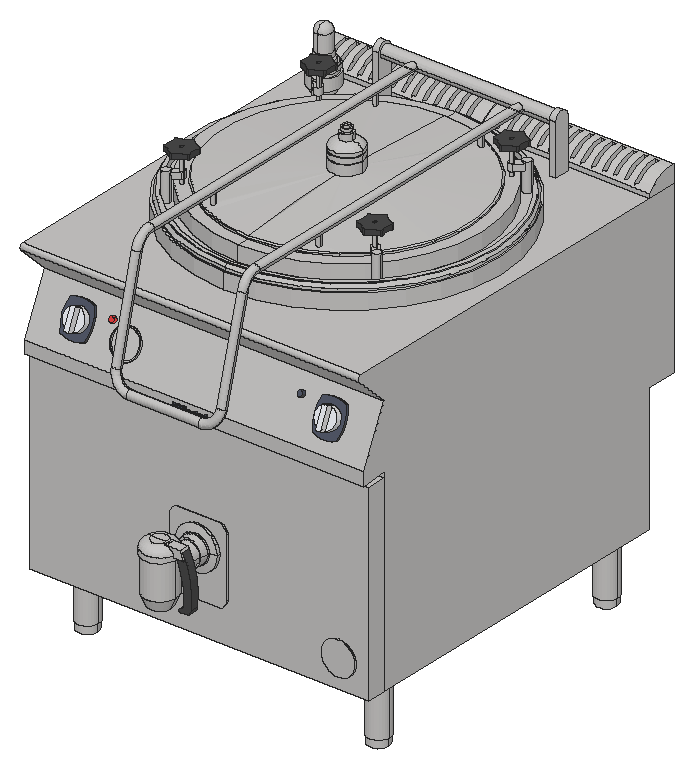
Revit family "QF_ELECTROLUXPROFESSIONAL_391298_E9BSGHDR4C", category Specialty Equipment, Revit 2018 (continued)
Automatic sketch dimensions
  Extrusion 32 sketch curve to Extrusion 32 sketch curve = 44.425 mm
  Extrusion 32 sketch curve to plane 18 = 113.578 mm  (x2)
  Extrusion 32 sketch curve to plane 18 = 67.123 mm  (x4)
  Extrusion 32 sketch curve to plane 18 = 50.268 mm  (x2)
  Extrusion 32 sketch curve to plane 18 = 24.667 mm  (x2)
  Extrusion 32 sketch curve to plane 18 = 22.73 mm  (x2)
  Extrusion 32 sketch curve to plane 18 = 22.698 mm  (x2)
  plane 18 to Extrusion 32 sketch curve = 6.011 mm  (x4)
  plane 18 to Extrusion 32 sketch curve = 25.788 mm  (x2)
  Extrusion 32 sketch curve to Extrusion 32 sketch curve = 47.449 mm  (x2)
  Extrusion 32 sketch curve to Extrusion 32 sketch curve = 15.403 mm  (x4)
  Extrusion 32 sketch curve to plane 8 "Center X" = 121.606 mm  (x2)
  Extrusion 32 sketch curve to Extrusion 32 sketch curve = 47.479 mm  (x2)
  Revolve 33 sketch curve to plane 7 "Center Y" = 0 mm  (x2)
  plane 7 "Center Y" to Revolve 33 sketch curve = 20.039 mm
  plane 7 "Center Y" to Revolve 33 sketch curve = 26.476 mm
  Revolve 33 sketch curve to Revolve 33 sketch curve = 17.448 mm
  Revolve 33 sketch curve to Revolve 33 sketch curve = 3.622 mm
  plane 9 "Base" to Revolve 33 sketch curve = 106.66 mm
  Revolve 33 sketch curve to Revolve 33 sketch curve = 9.34 mm
  Revolve 33 sketch curve to Revolve 33 sketch curve = 25 mm
  Revolve 33 sketch curve to Revolve 33 sketch curve = 83.963 mm
  Revolve 33 sketch curve to Revolve 33 sketch curve = 7.566 mm
  Revolve 33 sketch curve to Revolve 33 sketch curve = 12.044 mm
  Revolve 33 sketch curve to Revolve 33 sketch curve = 22.59 mm
  Extrusion 34 sketch curve to plane 17 = 99.149 mm
  Extrusion 34 sketch curve to Extrusion 34 sketch curve = 43.767 mm
  plane 7 "Center Y" to Extrusion 34 sketch curve = 38.183 mm
  plane 7 "Center Y" to Extrusion 34 sketch curve = 50.92 mm
  Extrusion 34 sketch curve to Extrusion 34 sketch curve = 3.423 mm
  Extrusion 34 sketch curve to Extrusion 34 sketch curve = 0 mm
  Extrusion 34 sketch curve to Extrusion 34 sketch curve = 0.693 mm
  Extrusion 34 sketch curve to Extrusion 34 sketch curve = 0.284 mm
  Extrusion 34 sketch curve to Extrusion 34 sketch curve = 22.359 mm
  Extrusion 34 sketch curve to Extrusion 34 sketch curve = 7.729 mm
  Extrusion 34 sketch curve to Extrusion 34 sketch curve = 8.743 mm
  Extrusion 34 sketch curve to Extrusion 34 sketch curve = 1.357 mm
  Extrusion 34 sketch curve to Extrusion 34 sketch curve = 9.852 mm
  plane 9 "Base" to Extrusion 34 sketch curve = 120.686 mm
  Extrusion 34 sketch curve to Extrusion 34 sketch curve = 2.347 mm
  Extrusion 34 sketch curve to Extrusion 34 sketch curve = 3.764 mm
  Extrusion 34 sketch curve to Extrusion 34 sketch curve = 0.821 mm
  plane 9 "Base" to Extrusion 34 sketch curve = 151.038 mm
  Extrusion 35 sketch curve to plane 7 "Center Y" = 9.756 mm
  plane 7 "Center Y" to Extrusion 35 sketch curve = 2.961 mm
  plane 7 "Center Y" to Extrusion 35 sketch curve = 15.663 mm
  Extrusion 35 sketch curve to Extrusion 35 sketch curve = 21.173 mm
  Extrusion 35 sketch curve to Extrusion 35 sketch curve = 19.905 mm
  Extrusion 35 sketch curve to Extrusion 35 sketch curve = 7.134 mm
  plane 9 "Base" to Extrusion 35 sketch curve = 220.162 mm
  Extrusion 35 sketch curve to Extrusion 35 sketch curve = 0.322 mm
  Extrusion 36 sketch curve to Extrusion 3 = 29 mm
  Revolve 37 sketch curve to plane 7 "Center Y" = 0 mm  (x2)
  plane 7 "Center Y" to Revolve 37 sketch curve = 6.853 mm
  plane 7 "Center Y" to Revolve 37 sketch curve = 9.619 mm
  plane 7 "Center Y" to Revolve 37 sketch curve = 10.424 mm
  Revolve 37 sketch curve to Revolve 37 sketch curve = 5 mm  (x5)
  plane 7 "Center Y" to Revolve 37 sketch curve = 26.874 mm
  Revolve 37 sketch curve to Revolve 37 sketch curve = 24.24 mm
  Revolve 37 sketch curve to Revolve 37 sketch curve = 0 mm  (x2)
  Revolve 37 sketch curve to Revolve 37 sketch curve = 2.21 mm  (x2)
  Revolve 37 sketch curve to Revolve 37 sketch curve = 10 mm
  plane 6 "TOP" to Revolve 37 sketch curve = 84.683 mm
  Revolve 37 sketch curve to Revolve 37 sketch curve = 16.26 mm
  Revolve 37 sketch curve to Revolve 37 sketch curve = 22.675 mm
  Revolve 37 sketch curve to Revolve 37 sketch curve = 2.956 mm  (x2)
  Revolve 37 sketch curve to Revolve 37 sketch curve = 4.59 mm
  Revolve 37 sketch curve to Revolve 37 sketch curve = 11.003 mm
  Revolve 37 sketch curve to Revolve 37 sketch curve = 7.062 mm
  Revolve 37 sketch curve to Revolve 37 sketch curve = 13.329 mm
  Revolve 37 sketch curve to Revolve 37 sketch curve = 2.791 mm
  plane 8 "Center X" to Revolve 38 sketch curve = 88.898 mm
  Revolve 38 sketch curve to plane 11 = 146.808 mm
  Revolve 38 sketch curve to Revolve 38 sketch curve = 5 mm
  Revolve 38 sketch curve to Revolve 38 sketch curve = 4.913 mm
  Revolve 38 sketch curve to Revolve 38 sketch curve = 13.837 mm
  Revolve 38 sketch curve to Revolve 38 sketch curve = 24.332 mm
  Revolve 38 sketch curve to Revolve 38 sketch curve = 29.332 mm
  Revolve 38 sketch curve to Revolve 38 sketch curve = 2.777 mm  (x2)
  Revolve 38 sketch curve to Revolve 38 sketch curve = 288.723 mm
  Revolve 38 sketch curve to Revolve 38 sketch curve = 0 mm
  Revolve 38 sketch curve to Revolve 38 sketch curve = 2509.206 mm
  Revolve 38 sketch curve to Revolve 38 sketch curve = 37.198 mm
  Revolve 38 sketch curve to Revolve 38 sketch curve = 1.927 mm
  Revolve 38 sketch curve to Revolve 38 sketch curve = 40.825 mm
  Revolve 38 sketch curve to Revolve 38 sketch curve = 5.725 mm
  Revolve 38 sketch curve to Revolve 38 sketch curve = 8.509 mm
  Revolve 38 sketch curve to Revolve 38 sketch curve = 1.804 mm
  Revolve 38 sketch curve to Revolve 38 sketch curve = 35.657 mm
  Revolve 38 sketch curve to Revolve 38 sketch curve = 3.37 mm
  Revolve 38 sketch curve to Revolve 38 sketch curve = 6.257 mm
  Extrusion 39 sketch curve to plane 17 = 124.074 mm  (x2)
  Extrusion 39 sketch curve to plane 18 = 124.074 mm  (x2)
  Extrusion 39 sketch curve to Extrusion 39 sketch curve = 0 mm  (x2)
  Extrusion 39 sketch curve to Extrusion 39 sketch curve = 478.257 mm
  Revolve 40 sketch curve to plane 7 "Center Y" = 0 mm  (x2)
  plane 7 "Center Y" to Revolve 40 sketch curve = 6.853 mm
  plane 7 "Center Y" to Revolve 40 sketch curve = 9.619 mm
  plane 7 "Center Y" to Revolve 40 sketch curve = 10.424 mm
  Revolve 40 sketch curve to Revolve 40 sketch curve = 5 mm  (x5)
  plane 7 "Center Y" to Revolve 40 sketch curve = 26.874 mm
  Revolve 40 sketch curve to Revolve 40 sketch curve = 24.24 mm
  Revolve 40 sketch curve to Revolve 40 sketch curve = 0 mm  (x2)
  Revolve 40 sketch curve to Revolve 40 sketch curve = 2.21 mm  (x2)
  Revolve 40 sketch curve to Revolve 40 sketch curve = 10 mm
  Revolve 40 sketch curve to Revolve 40 sketch curve = 16.26 mm
  Revolve 40 sketch curve to Revolve 40 sketch curve = 22.675 mm
  Revolve 40 sketch curve to Revolve 40 sketch curve = 2.956 mm  (x2)
  Revolve 40 sketch curve to Revolve 40 sketch curve = 4.59 mm
  Revolve 40 sketch curve to Revolve 40 sketch curve = 11.003 mm
  Revolve 40 sketch curve to Revolve 40 sketch curve = 7.062 mm
  Revolve 40 sketch curve to Revolve 40 sketch curve = 13.329 mm
  Revolve 40 sketch curve to Revolve 40 sketch curve = 2.791 mm
  Sweep 41 sketch curve to profile plane = 0 mm  (x2)
  Sweep 42 sketch curve to profile plane = 0 mm  (x2)
  Revolve 43 sketch curve to plane 9 "Base" = 0 mm  (x2)
  Revolve 43 sketch curve to level = 0 mm
  Revolve 43 sketch curve to plane 13 = 0 mm  (x2)
  Revolve 43 sketch curve to plane 14 = 21.9 mm
  Revolve 43 sketch curve to Revolve 43 sketch curve = 2.5 mm
  Revolve 43 sketch curve to Revolve 43 sketch curve = 20 mm
  level to Revolve 43 sketch curve = 19.05 mm
  Revolve 44 sketch curve to plane 9 "Base" = 0 mm  (x2)
  Revolve 44 sketch curve to level = 0 mm
  Revolve 44 sketch curve to plane 13 = 0 mm  (x2)
  Revolve 44 sketch curve to plane 14 = 21.9 mm
  Revolve 44 sketch curve to Revolve 44 sketch curve = 2.5 mm
  Revolve 44 sketch curve to Revolve 44 sketch curve = 20 mm
  level to Revolve 44 sketch curve = 19.05 mm
  plane 20 to curve 252 = 28 mm
  plane 20 to curve 251 = 2.273 mm
  plane 20 to curve 246 = 2.273 mm
  curve 245 to plane 20 = 8.418 mm
  curve 250 to plane 20 = 8.418 mm
  curve 255 to plane 20 = 15.168 mm
  curve 250 to curve 249 = 9.667 mm
  curve 230 to curve 248 = 8.036 mm
  plane 20 to Extrusion 3 sketch curve = 55.613 mm
  Extrusion 3 sketch curve to Extrusion 3 sketch curve = 45.814 mm
  Revolve 13 sketch curve to plane 20 = 47.277 mm
  Revolve 13 sketch curve to plane 20 = 15.168 mm
  plane 20 to Revolve 13 sketch curve = 9.163 mm
  plane 20 to Revolve 13 sketch curve = 28 mm
  Extrusion 18 sketch curve to plane 20 = 97.372 mm  (x2)
  Extrusion 30 sketch curve to plane 20 = 140.045 mm  (x2)
  curve 200 to curve 257 = 0.996 mm
  radius of Extrusion 6 sketch curve = 40 mm
  radius of Extrusion 6 sketch curve = 20 mm
  radius of Extrusion 8 sketch curve = 25.4 mm  (x2)
  radius of Extrusion 9 sketch curve to Extrusion 8 = 0 mm  (x4)
  radius of Extrusion 10 sketch curve = 6.35 mm
  radius of Extrusion 11 sketch curve = 6.35 mm
  radius of Extrusion 18 sketch curve = 5 mm  (x4)
  radius of Extrusion 19 sketch curve = 6.35 mm
  radius of Extrusion 20 sketch curve = 6.35 mm
  radius of Extrusion 21 sketch curve = 9.5 mm  (x2)
  radius of Extrusion 24 sketch curve = 15 mm
  radius of Extrusion 26 sketch curve = 35 mm
  radius of Extrusion 27 sketch curve to Extrusion 26 = 2 mm
  radius of Split face 1 sketch curve to Extrusion 27 = 30.65 mm  (x2)
  radius of Extrusion 29 sketch curve = 9.5 mm  (x4)
  radius of Extrusion 31 sketch curve = 4 mm  (x4)
  radius of Extrusion 36 sketch curve = 4 mm
  radius of Extrusion 39 sketch curve = 5 mm  (x4)
  radius of Sweep 41 sketch curve = 9.5 mm
  radius of Sweep 42 sketch curve = 9.5 mm
Connectors
  electrical at (729, -721, 137)
    settings: on Extrusion 20, index 1, voltage 230 V, apparent load 20 VA, apparent load phase1 0 VA, apparent load phase2 0 VA, apparent load phase3 0 VA, power factor 1, load classification "Other", number of poles 1, system type 30, power factor state 1, is connector primary yes, connector utility no, sub classification motor no, connector description "ELECTRICAL CONNECTION"
  piping at (746, -655, 137), diameter 12.8
    settings: on Extrusion 19, index 2, connector inside diameter 0.50394", connector length 0 mm, flow factor 0, pipe flow 0 GPM, pressure drop 0.00 psi, fitting loss kfactor 0, connector angle 0.00°, fixture units 0, engagement length 0 mm, angle of deflection 0.00°, flow configuration 1, flow direction 1, fitting loss method 0, system type 7, joint type 0, gender type 0, connector reference index -1, connector utility 0, adjustable connector no, is connector primary yes, connector description "GAS CONNECTION"
  piping at (46, -646, 137), diameter 19
    settings: on Extrusion 21, index 3, connector inside diameter 0.74803", connector length 0 mm, flow factor 0, pipe flow 0 GPM, pressure drop 0.00 psi, fitting loss kfactor 0, connector angle 0.00°, fixture units 0, engagement length 0 mm, angle of deflection 0.00°, flow configuration 1, flow direction 1, fitting loss method 0, system type 19, joint type 0, gender type 0, connector reference index -1, connector utility 0, adjustable connector no, is connector primary no, connector description "HOT WATER INLET"
  piping at (46, -716, 137), diameter 19
    settings: on Extrusion 21, index 4, connector inside diameter 0.74803", connector length 0 mm, flow factor 0, pipe flow 0 GPM, pressure drop 0.00 psi, fitting loss kfactor 0, connector angle 0.00°, fixture units 0, engagement length 0 mm, angle of deflection 0.00°, flow configuration 1, flow direction 1, fitting loss method 0, system type 20, joint type 0, gender type 0, connector reference index -1, connector utility 0, adjustable connector no, is connector primary no, connector description "COLD WATER INLET"
